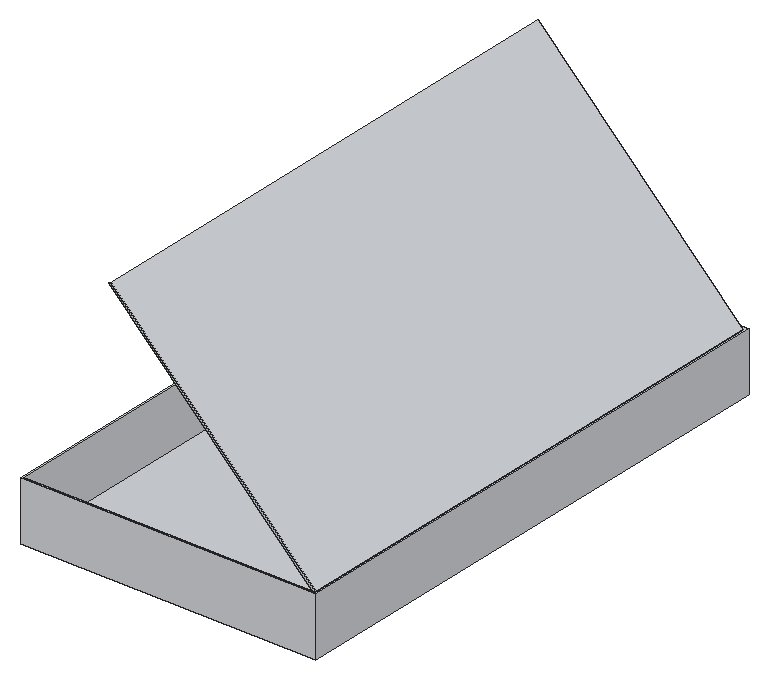
Revit family "Hager-Typ.B_TP&N_125A_Side_Extension_Boxes-empty-UK-en", category Electrical Equipment, host Face, Revit 2020
Family settings
  Host = Face
  Panel Configuration = Two Columns, Circuits Across
  Round Connector Dimension = Use Diameter
  Part Type = Panelboard
  Cut with Voids When Loaded = No
  Shared = No
  Room Calculation Point = No
Parameters (values of type "Surface mounted P2XC W465 H850 D91.5 0 Modular spacings - JK112BSF")
  Width Control [instance] = if([HG000006 - Flush mounted], if([EF000846 - Built-in width] > min_whd, [EF000846 - Built-in width], min_whd), if([EF000008 - Width] > min_whd, ([EF000008 - Width]), min_whd))  # 465 mm
  Void Depth [instance] = if([HG000006 - Flush mounted], Depth Control, 1 mm)  # 1 mm
  Type Comments = [HG000003 - Range]  # "Type B TP&N Distribution Boards"
  System Height [instance] = Height Control - 2 * [HG000005 - Thickness]  # 844 mm
  Model = [HG000004 - Manufacturer reference]  # "JK112BSF"
  HG000017 - Distance between poles = 18 mm
  HG000016 - Door 3d visibility [instance] = yes
  HG000015 - Clearance visibility [instance] = no
  HG000014 - Door on the right [instance] = yes
  HG000013 - Door on the left [instance] = not([HG000014 - Door on the right])  # no
  HG000012 - Door swing angle [instance] = 45.00°
  HG000011 - Empty rows from bottom = no
  HG000010 - Asymmetric doors = no
  HG000009 - Double swing door = no
  HG000008 - Number of empty rows = 0
  HG000007 - Number of empty columns = 0
  HG000006 - Flush mounted = no
  HG000005 - Thickness = 3 mm  # constant formula
  HG000004 - Manufacturer reference = "JK112BSF"
  HG000003 - Range = "Type B TP&N Distribution Boards"
  HG000002 - With door or cover = yes
  HG000001 - Number of columns = 0
  EF015941 - Signal passing door = no
  EF015777 - Neutral terminal block = yes
  EF015776 - Earthing terminal block = yes
  EF009212 - Cover model = ""
  EF006306 - With lock = no
  EF006244 - Transparent cover/door = no
  EF005474 - Degree of protection (IP) = "EV009848 - IP2XC"
  EF004462 - Type of closure = "EV000154 - Other"
  EF002950 - Width in number of modular spacings = 0
  EF001596 - Material housing = "EV000179 - Steel"
  EF001134 - DIN-rail = no
  EF001131 - Internal depth = 0 mm
  EF001088 - Extension possible = no
  EF001062 - EMC-version = no
  EF000846 - Built-in width = 0 mm
  EF000339 - Type of cover = "EV004216 - Door"
  EF000332 - Built-in height = 0 mm
  EF000266 - Number of rows = 0
  EF000218 - Built-in depth = 0 mm
  EF000118 - With mounting plate = no
  EF000116 - RAL-number = ""
  EF000049 - Depth = 92 mm
  EF000040 - Height = 850 mm
  EF000008 - Width = 465 mm
  EF000007 - Colour = "EV000154 - Other"
  EF000003 - Mounting method = "EV000384 - Surface mounted (plaster)"
  Arrow Offset [instance] = Depth Control / 8  # 11.5 mm
  Arrow Height [instance] = Depth Control - Arrow Offset  # 80.5 mm
  Host Offset [instance] = if([HG000006 - Flush mounted], 0 mm, [EF000049 - Depth])  # 92 mm
  min_whd [instance] = (2 * [HG000005 - Thickness]) + 1 mm  # 7 mm
  Manufacturer = "Hager"  # constant formula
  Height Control [instance] = if([HG000006 - Flush mounted], if([EF000332 - Built-in height] > min_whd, [EF000332 - Built-in height], min_whd), if([EF000040 - Height] > min_whd, ([EF000040 - Height]), min_whd))  # 850 mm
  Flush Mounted - Door Frame Width [instance] = if(([EF000040 - Height] - [EF000332 - Built-in height]) > 0 mm, if([HG000006 - Flush mounted], [EF000040 - Height] - [EF000332 - Built-in height], 0 mm), 0 mm)  # 0 mm
  Depth Control [instance] = if([HG000006 - Flush mounted], if([EF000218 - Built-in depth] > 0 mm, [EF000218 - Built-in depth], 1 mm), if([EF000049 - Depth] > 0 mm, ([EF000049 - Depth]), 1 mm))  # 92 mm
  Default Elevation = 0 mm
Types (5, lengths in mm): name | System Height | Model | HG000004 - Manufacturer reference | EF005474 - Degree of protection (IP) | EF000040 - Height | Height Control
  Surface mounted IP30 W465 H950 D91.5 0 Modular spacings - JK116BSF | 944 | "JK116BSF" | "JK116BSF" | "EV006410 - IP30" | 950 | 950
  Surface mounted P2XC W465 H500 D91.5 0 Modular spacings - JK104BSF | 494 | "JK104BSF" | "JK104BSF" | "EV009848 - IP2XC" | 500 | 500
  Surface mounted P2XC W465 H550 D91.5 0 Modular spacings - JK106BSF | 544 | "JK106BSF" | "JK106BSF" | "EV009848 - IP2XC" | 550 | 550
  Surface mounted P2XC W465 H625 D91.5 0 Modular spacings - JK108BSF | 619 | "JK108BSF" | "JK108BSF" | "EV009848 - IP2XC" | 625 | 625
  Surface mounted P2XC W465 H850 D91.5 0 Modular spacings - JK112BSF | 844 | "JK112BSF" | "JK112BSF" | "EV009848 - IP2XC" | 850 | 850
Reference planes
  plane 1 "Center (Front/Back)": y = 0
  plane 2: z = 0
  plane 3 "Center (Left/Right)": x = 0
  plane 4: z = 92
  plane 5: y = 3
  plane 6: z = 87
  plane 7: y = 425
  plane 8: y = 0
  plane 9: y = 850
  plane 10: z = 0
  plane 11: x = -232.5
  plane 12: x = 232.5
  plane 13: x = 229.5
  plane 14: x = -229.5
  plane 15: y = 847
  plane 16: z = 3
  plane 17: z = 89
  plane 18: z = -1
  plane 19: z = 89
Forms (mm)
  Extrusion 1, solid
    sketch origin (-583.045, 0, 1219.2) x (-1, 0, 0) y (0, 0, 1)
      loop
        line (-350.545, -1127.2) -> (-815.545, -1127.2) -> (-815.545, -1219.2) -> (-350.545, -1219.2) -> (-350.545, -1127.2)
    from 0 to 850 <- "Height Control"
  Extrusion 2, void
    sketch origin (-381.607, -4572, 92) x (0, -1, 0) y (-1, 0, 0)
      loop
        line (-5419, -152.107) -> (-5419, -611.107) -> (-4575, -611.107) -> (-4575, -152.107) -> (-5419, -152.107)
    from 0 to 89
  Extrusion 3, void
    sketch origin (0, 0, 0) x (1, 0, 0) y (0, 1, 0)
      loop
        line (-232.5, 0) -> (232.5, 0) -> (232.5, 850) -> (-232.5, 850) -> (-232.5, 0)
    from -1 to 1
  Extrusion 4, solid, detail levels coarse+medium
    sketch origin (-381.607, -4572, 92) x (-1, 0, 0) y (0, -1, 0)
      loop
        line (-152.107, -5419) -> (-152.107, -4575) -> (-611.107, -4575) -> (-611.107, -5419) -> (-152.107, -5419)
    from 0 to -3
Cuts and joins
  Extrusion 2 cuts Extrusion 1
Dimensions and locks
  plane 4 to plane 6 = 5 mm
  "Host Offset": plane 4 to host face
  "Flush Mounted - Door Frame Width": plane 1 "Center (Front/Back)" to plane 8
  "HG000005 - Thickness": plane 5 to plane 8
  locked: connector elem to plane 3 "Center (Left/Right)"
  "Height Control": plane 9 to plane 8
  equal spacing: plane 9, plane 7, plane 8
  locked: connector elem to plane 7
  "Depth Control": plane 4 to plane 10
  "HG000005 - Thickness": plane 11 to plane 14
  "HG000005 - Thickness": plane 12 to plane 13
  equal spacing: plane 11, plane 3 "Center (Left/Right)", plane 12
  "Width Control": plane 11 to plane 12
  "Arrow Offset": nested 4 to plane 10
  "HG000005 - Thickness": plane 9 to plane 15
  "HG000005 - Thickness": plane 16 to plane 10
  "HG000005 - Thickness": plane 4 to plane 17
  "Void Depth": plane 2 to plane 18
  "HG000005 - Thickness": plane 4 to plane 19
  aligned and locked: plane 2 to host face
  aligned and locked: level to host face
  aligned and locked: plane 3 "Center (Left/Right)" to nested 2
  aligned and locked: plane 4 to nested 2
  aligned and locked: nested 2 to plane 8
  aligned and locked: nested 1 to plane 6
  aligned and locked: nested 1 to plane 5
  aligned and locked: nested 4 to plane 11
  aligned and locked: nested 3 to plane 4
  aligned and locked: Extrusion 1 sketch curve to plane 12
  aligned and locked: Extrusion 1 sketch curve to plane 11
  aligned and locked: nested 3 to plane 10
  aligned and locked: plane 10 to Extrusion 1 sketch curve
  aligned and locked: Extrusion 2 sketch curve to plane 5
  aligned and locked: Extrusion 2 sketch curve to plane 15
  aligned and locked: Extrusion 2 sketch curve to plane 14
  aligned and locked: Extrusion 2 sketch curve to plane 13
  aligned and locked: plane 11 to Extrusion 3 sketch curve
  aligned and locked: plane 9 to Extrusion 3 sketch curve
  aligned and locked: Extrusion 3 sketch curve to plane 8
  aligned and locked: plane 12 to Extrusion 3 sketch curve
  aligned and locked: nested 3 to plane 12
  aligned and locked: Extrusion 3 to plane 18
  aligned and locked: Extrusion 2 to plane 16
  aligned and locked: Extrusion 1 sketch curve to plane 4
  aligned and locked: Extrusion 4 to plane 17
  aligned and locked: Extrusion 4 sketch curve to plane 15
  aligned and locked: Extrusion 4 sketch curve to plane 13
  aligned and locked: Extrusion 4 sketch curve to plane 14
  aligned and locked: Extrusion 4 sketch curve to plane 5
Automatic sketch dimensions
  host sketch curve to host sketch curve = 1469.727 mm
  host sketch curve to host sketch curve = 1434.803 mm
Nested families
  nested 1: "Hager_Enclosure_System" at (0, 3, 87) x (1, 0, 0) z (0, 1, 0), Depth <- "HG000005 - Thickness", Height <- "System Height", Width <- "EF000008 - Width", Border <- "HG000005 - Thickness", Flush_Mounted <- "HG000006 - Flush mounted", Built-in_Width <- "EF000846 - Built-in width", Row_Module_Multiplicator <- "EF002950 - Width in number of modular spacings", Total_No_Empty_Rows <- "HG000008 - Number of empty rows", Total_No_Rows <- "EF000266 - Number of rows", Empty_Columns <- "HG000007 - Number of empty columns", Width_Control <- "Width Control", Empty_Rows_From_Bottom <- "HG000011 - Empty rows from bottom", Distance_Between_Poles <- "HG000017 - Distance between poles", Rows_Count <- "EF000266 - Number of rows", Columns_Count <- "HG000001 - Number of columns", type "Hager_Enclosure_System", detail levels fine
    with Width_Control 465 mm, Width 465 mm, Total_No_Rows 0, Total_No_Empty_Rows 0, Total_No_Columns 1, System_Width 459 mm, Rows_Count 0, Rows_Column 0, Row_Module_Multiplicator 0, Panel_4 no, Panel_3 no, Panel_2 no, Panel_1 no, No_Panels_Ctrl 1, Hide_Columns yes, Height 844 mm, Flush_Mounted no, Empty_Rows_From_Bottom no, Empty_Rows_Column 0, Empty_Columns 0, Distance_Between_Poles 18 mm, Depth 3 mm, Columns_Count 0, Column_Width 459 mm, Built-in_Width 0 mm, Border 3 mm
  nested 2: "Hager_Enclosure_Door" at (0, 0, 92) x (1, 0, 0) z (0, 1, 0), Border <- "HG000005 - Thickness", Door_Right <- "HG000014 - Door on the right", Flush_Mounted <- "HG000006 - Flush mounted", Depth <- "EF000049 - Depth", Width <- "EF000008 - Width", Door_Left <- "HG000013 - Door on the left", 3d_Door <- "HG000016 - Door 3d visibility", BuiltIn_Width <- "EF000846 - Built-in width", BuiltIn_Height <- "EF000332 - Built-in height", BuiltIn_Depth <- "EF000218 - Built-in depth", Angle <- "HG000012 - Door swing angle", Assymetrical <- "HG000010 - Asymmetric doors", Double <- "HG000009 - Double swing door", Clearance <- "HG000015 - Clearance visibility", Transparent <- "EF006244 - Transparent cover/door", Door <- "HG000002 - With door or cover", Height_Ctrl <- "Height Control", Width_Ctrl <- "Width Control", Height <- "EF000040 - Height", type "Hager_Enclosure_Door", detail levels medium+fine
    with min_wh 7 mm, Width_Ctrl 465 mm, Width 465 mm, Transparent_Door_No_Bottom_Border no, Transparent no, Leaf_Width 456 mm, Leaf_Tolerance 1.5 mm, Leaf_Height 841 mm, Leaf_2_Width 456 mm, Leaf_2_Offset 228 mm, Leaf_1_Width 456 mm, Leaf_1_Offset 228 mm, Height_Ctrl 850 mm, Height 850 mm, Frame_Width_Ctrl 465 mm, Frame_Width 465 mm, Frame_Internal_Offset 0 mm, Frame_Height_Ctrl 850 mm, Frame_Height 850 mm, Frame_Depth_Ctrl 1 mm, Frame_Depth 0 mm, Flush_Mounted no, Double_Clearance_Ctrl no, Double no, Door_Right_Ctrl yes, Door_Right yes, Door_Left_Ctrl no, Door_Left no, Door yes, Depth 92 mm, Clearance_Depth 456 mm, Clearance_Ctrl no, Clearance no, BuiltIn_Width 0 mm, BuiltIn_Height 0 mm, BuiltIn_Depth 0 mm, Border 3 mm, Assymetrical no, Angle 45.00°, 3d_Door yes
  nested 3: "Hager_Enclosure_Symbol_Triangle" at (-232.5, 0, 0) x (1, 0, 0) z (0, -1, 0), Depth <- "Depth Control", Width <- "Width Control", type "Hager_Enclosure_Symbol_Triangle"
    with Width_Ctrl 465 mm, Width 465 mm, Depth_Ctrl 92 mm, Depth 92 mm
  nested 4: "Hager_Enclosure_Symbol_Arrow" at (-232.5, 0, 11.5) x (1, 0, 0) z (0, -1, 0), Height <- "Arrow Height", type "Hager_Enclosure_Symbol_Arrow"
    with Width_Inside 6.038 mm, Width 72.45 mm, Height_Ctrl 80.5 mm, Height 80.5 mm
Connectors
  electrical at (0, 425, 0)
    settings: on plane 10, index 1, voltage 0 V, apparent load 0 VA, apparent load phase1 0 VA, apparent load phase2 0 VA, apparent load phase3 0 VA, power factor 1, load classification "Other", number of poles 1, system type 30, power factor state 1, is connector primary yes, connector utility no, sub classification motor no, connector description ""
Definition of nested family "Hager_Enclosure_Door"
  Parameters (values of type "Hager_Enclosure_Door")
    min_wh [instance] = (2 * Border) + 1 mm  # 11 mm
    Width_Ctrl [instance] = 400 mm
    Width [instance] = 500 mm
    Transparent_Door_No_Bottom_Border [instance] = no
    Transparent [instance] = yes
    Leaf_Width [instance] = if((Width_Ctrl - 2 * Border - 2 * Leaf_Tolerance) > 0 mm, (Width_Ctrl - 2 * Border - 2 * Leaf_Tolerance), min_wh)  # 387 mm
    Leaf_Tolerance [instance] = 1.5 mm  # constant formula
    Leaf_Height [instance] = if((Height_Ctrl - 2 * Border - 2 * Leaf_Tolerance) > 0 mm, (Height_Ctrl - 2 * Border - 2 * Leaf_Tolerance), min_wh)  # 387 mm
    Leaf_2_Width [instance] = if(and(and(Double, Assymetrical), Door_Left), (Leaf_Width / 3) - (Leaf_Tolerance / 2), if(and(and(Double, Assymetrical), Door_Right), (Leaf_Width / 3) * 2 - (Leaf_Tolerance / 2), if(and(Double, not(Assymetrical)), (Leaf_Width / 2) - Leaf_Tolerance, Leaf_Width)))  # 387 mm
    Leaf_2_Offset [instance] = if(and(Double, Assymetrical), Leaf_2_Width / 2, if(and(Double, not(Assymetrical)), Leaf_Width / 4, Leaf_Width / 2))  # 193.5 mm
    Leaf_1_Width [instance] = if(and(and(Double, Assymetrical), Door_Right), (Leaf_Width / 3) - (Leaf_Tolerance / 2), if(and(and(Double, Assymetrical), Door_Left), (Width / 3) * 2 - (Leaf_Tolerance / 2), if(and(Double, not(Assymetrical)), (Leaf_Width / 2) - Leaf_Tolerance, Leaf_Width)))  # 387 mm
    Leaf_1_Offset [instance] = if(and(Double, Assymetrical), Leaf_1_Width / 2, if(and(Double, not(Assymetrical)), Leaf_Width / 4, Leaf_Width / 2))  # 193.5 mm
    Height_Ctrl [instance] = 400 mm
    Height [instance] = 500 mm
    Frame_Width_Ctrl [instance] = if(Frame_Width > 0 mm, Frame_Width, 1 mm)  # 1 mm
    Frame_Width [instance] = Width - BuiltIn_Width  # 0 mm
    Frame_Internal_Offset [instance] = if(Flush_Mounted, Border, 0 mm)  # 5 mm
    Frame_Height_Ctrl [instance] = if(Frame_Height > 0 mm, Frame_Height, 1 mm)  # 1 mm
    Frame_Height [instance] = Height - BuiltIn_Height  # 0 mm
    Frame_Depth_Ctrl [instance] = if(Frame_Depth > 0 mm, Frame_Depth, 1 mm)  # 1 mm
    Frame_Depth [instance] = if(Depth - BuiltIn_Depth > 0 mm, if(Flush_Mounted, Depth - BuiltIn_Depth, 0 mm), 0 mm)  # 0 mm
    Flush_Mounted [instance] = yes
    Double_Clearance_Ctrl [instance] = and(Double, Clearance)  # no
    Double [instance] = no
    Door_Right_Ctrl [instance] = and(or(Door_Right, Double), Door)  # yes
    Door_Right [instance] = yes
    Door_Left_Ctrl [instance] = and(or(Door_Left, Double), Door)  # no
    Door_Left [instance] = no
    Door [instance] = yes
    Depth [instance] = 500 mm
    Default Elevation = 1219.2 mm
    Clearance_Material = none
    Clearance_Depth [instance] = if(Leaf_1_Width > Leaf_2_Width, Leaf_1_Width, Leaf_2_Width)  # 387 mm
    Clearance_Ctrl [instance] = and(not(Double), Clearance)  # yes
    Clearance [instance] = yes
    BuiltIn_Width [instance] = 500 mm
    BuiltIn_Height [instance] = 500 mm
    BuiltIn_Depth [instance] = 500 mm
    Border [instance] = 5 mm
    Assymetrical [instance] = yes
    Angle [instance] = 30.00°
    3d_Door [instance] = yes
  Reference planes
    plane 1 "Center (Front/Back)": y = 0
    plane 2 "Bottom": z = 0
    plane 3 "Center (Left/Right)": x = 0
    plane 4: z = 400
    plane 5: x = -200
    plane 6: x = 200
    plane 7: z = 395
    plane 8: x = -195
    plane 9: z = 5
    plane 10: x = 195
    plane 11: y = 0
    plane 12: z = 6.5
    plane 13: x = -582
    plane 14: y = -387
    plane 15: x = 582
    plane 16: x = 0
    plane 17: x = 0
    plane 18: x = -193.5
    plane 19: x = 193.5
    plane 20: z = 393.5
  Forms (mm)
    Extrusion 1, solid, visible <- "Flush_Mounted"
      sketch origin (0, 0, 0) x (1, 0, 0) y (0, 0, 1)
        loop
          line (195, 5) -> (195, 395) -> (-195, 395) -> (-195, 5) -> (195, 5)
        loop
          line (-201, 401) -> (-201, -1) -> (201, -1) -> (201, 401) -> (-201, 401)
      from 0 to 1 <- "Frame_Depth_Ctrl"
    Extrusion 2, solid, material <- "Clearance_Material", visible <- "Double_Clearance_Ctrl"
      sketch origin (1200, 0, 0) x (1, 0, 0) y (0, 0, -1)
        loop
          line (-1782, -393.5) -> (-618, -393.5) -> (-618, 0) -> (-1782, 0) -> (-1782, -393.5)
      from 0 to -387
  Dimensions and locks
    equal spacing: plane 5, plane 3 "Center (Left/Right)", plane 6
    "Width_Ctrl": plane 5 to plane 6
    "Border": plane 5 to plane 8
    "Border": plane 6 to plane 10
    "Border": plane 9 to level
    "Border": plane 4 to plane 7
    "Height_Ctrl": plane 4 to level
    "Leaf_Tolerance": plane 12 to plane 9
    "Frame_Depth": plane 11 to plane 1 "Center (Front/Back)"
    "Frame_Width_Ctrl": plane 5 to Extrusion 1 sketch curve
    "Frame_Width_Ctrl": plane 6 to Extrusion 1 sketch curve
    "Frame_Width_Ctrl": Extrusion 1 sketch curve to plane 4
    "Frame_Width_Ctrl": plane 2 "Bottom" to Extrusion 1 sketch curve
    "Leaf_1_Offset": plane 18 to plane 16
    "Leaf_2_Offset": plane 17 to plane 19
    "Leaf_1_Width": plane 13 to plane 8
    "Leaf_2_Width": plane 10 to plane 15
    "Clearance_Depth": plane 14 to plane 1 "Center (Front/Back)"
    "Leaf_Tolerance": plane 8 to plane 18
    "Leaf_Tolerance": plane 19 to plane 10
    "Leaf_Tolerance": plane 7 to plane 20
    "Frame_Internal_Offset": plane 5 to Extrusion 1 sketch curve
    "Frame_Internal_Offset": Extrusion 1 sketch curve to plane 2 "Bottom"
    "Frame_Internal_Offset": plane 6 to Extrusion 1 sketch curve
    "Frame_Internal_Offset": plane 4 to Extrusion 1 sketch curve
    aligned and locked: level to plane 2 "Bottom"
    aligned and locked: nested 1 to plane 16
    aligned and locked: nested 2 to plane 17
    aligned and locked: Extrusion 2 to plane 13
    aligned and locked: plane 15 to Extrusion 2
    aligned and locked: Extrusion 2 to plane 14
    aligned and locked: plane 12 to nested 1
    aligned and locked: nested 2 to plane 12
    aligned and locked: Extrusion 2 to plane 11
    aligned and locked: plane 20 to Extrusion 2
    aligned and locked: nested 2 to plane 11
    aligned and locked: nested 1 to plane 11
  Automatic sketch dimensions
    Extrusion 2 sketch curve to level = 0 mm
    plane 5 to Extrusion 2 sketch curve = 382 mm
    plane 6 to Extrusion 2 sketch curve = 382 mm
    Extrusion 2 sketch curve to plane 4 = 6.5 mm
  Nested families
    nested 1: "Hager_Enclosure_Door_Leaf" at (0, 0, 6.5), Width <- "Leaf_1_Width", visible <- "Door_Left_Ctrl", Leaf_Height <- "Leaf_Height", Angle <- "Angle", Depth <- "Border", 3d_Door <- "3d_Door", Transparent <- "Transparent", Clearance Material <- "Clearance_Material", Clearance <- "Clearance_Ctrl", Transparent_Door_No_Bottom_Border <- "Transparent_Door_No_Bottom_Border", type "Hager_Enclosure_Door_Leaf"
      with Width 387 mm, Transparent_Door_No_Bottom_Border no, Transparent_Door_Border_Bottom_Top 25 mm, Transparent_Door_Border 25 mm, Transparent_Ctrl yes, Transparent yes, Standard no, Leaf_Height 387 mm, Glass_Offset 1 mm, Depth 5 mm, Clearance Material none, Clearance yes, Angle_Ctrl 30.00°, Angle 30.00°, 3d_Door yes
    nested 2: "Hager_Enclosure_Door_Leaf" at (0, 0, 6.5) x (-1, 0, 0) z (0, 0, 1), Width <- "Leaf_2_Width", visible <- "Door_Right_Ctrl", Leaf_Height <- "Leaf_Height", Angle <- "Angle", Depth <- "Border", 3d_Door <- "3d_Door", Transparent <- "Transparent", Clearance Material <- "Clearance_Material", Clearance <- "Clearance_Ctrl", Transparent_Door_No_Bottom_Border <- "Transparent_Door_No_Bottom_Border", type "Hager_Enclosure_Door_Leaf"
      with Width 387 mm, Transparent_Door_No_Bottom_Border no, Transparent_Door_Border_Bottom_Top 25 mm, Transparent_Door_Border 25 mm, Transparent_Ctrl yes, Transparent yes, Standard no, Leaf_Height 387 mm, Glass_Offset 1 mm, Depth 5 mm, Clearance Material none, Clearance yes, Angle_Ctrl 30.00°, Angle 30.00°, 3d_Door yes
  Definition of nested family "Hager_Enclosure_Door_Leaf"
    Parameters (values of type "Hager_Enclosure_Door_Leaf")
      Width [instance] = 2000 mm
      Transparent_Door_No_Bottom_Border [instance] = yes
      Transparent_Door_Border_Bottom_Top [instance] = if(Transparent_Door_No_Bottom_Border, 0.1 mm, Transparent_Door_Border)  # 0.1 mm
      Transparent_Door_Border [instance] = if(Transparent_Door_No_Bottom_Border, (Width * 0.12), 25 mm)  # 240 mm
      Transparent_Ctrl [instance] = and(Transparent, [3d_Door])  # yes
      Transparent [instance] = yes
      Standard [instance] = and(not(Transparent), [3d_Door])  # no
      Leaf_Height [instance] = 2720.336 mm
      Glass_Offset [instance] = if((Depth - 10 mm) / 2 > 0 mm, (Depth - 10 mm) / 2, 1 mm)  # 15 mm
      Glass_Material = none
      Depth [instance] = 40 mm
      Default Elevation = 0 mm
      Clearance Material [instance] = none
      Clearance [instance] = yes
      Angle_Ctrl [instance] = if(Angle > 170.00°, 170.00°, Angle)  # 45.00°
      Angle [instance] = 45.00°
      3d_Door [instance] = yes
    Reference planes
      plane 1 "Center (Front/Back)": y = 0
      plane 2: z = 0
      plane 3 "Center (Left/Right)": x = 0
      plane 4: y = 2000
      plane 5: x = -1000
      plane 6: x = 1000
      plane 7: x = -3000
      plane 8: z = 2720.336
      plane 9: z = 0.1
      plane 10: z = 2720.236
      plane 11: x = 760
      plane 12: x = -760
    Forms (mm)
      Extrusion 1, solid, material <- "Clearance Material", visible <- "Clearance"
        sketch origin (0, 0, 0) x (1, 0, 0) y (0, 0, 1)
          loop
            line (-3000, 2720.336) -> (-3000, 0) -> (1000, 0) -> (1000, 2720.336) -> (-3000, 2720.336)
        from 0 to -2000
      Extrusion 2, solid, visible <- "Standard", detail levels medium+fine
        sketch origin (-1000, 0, 0) x (0.707107, 0.707107, 0) y (-0.707107, 0.707107, 0)
          loop
            line (0, -40) -> (2000, -40) -> (2000, 0) -> (0, 0) -> (0, -40)
        from 0 to 2720.336 <- "Leaf_Height"
      Extrusion 3, solid, visible <- "Transparent_Ctrl", detail levels medium+fine
        sketch origin (-1000, 0, 0) x (0.707107, 0.707107, 0) y (-0.707107, 0.707107, 0)
          loop
            line (0, -40) -> (2000, -40) -> (2000, 0) -> (0, 0) -> (0, -40)
        from 0 to 2720.336 <- "Leaf_Height"
      Extrusion 4, void, detail levels medium+fine
        sketch origin (-1000, 0, 0) x (-0.707107, 0.707107, 0) y (0.707107, 0.707107, 0)
          loop
            line (0, 240) -> (0, 1760) -> (-40, 1760) -> (-40, 240) -> (0, 240)
        from -2720.236 to -0.1
      Extrusion 5, solid, material <- "Glass_Material", visible <- "Transparent_Ctrl", detail levels medium+fine
        sketch origin (-1000, 0, 0) x (0.707107, 0.707107, 0) y (-0.707107, 0.707107, 0)
          loop
            line (240, -15) -> (240, -25) -> (1760, -25) -> (1760, -15) -> (240, -15)
        from 0.1 to 2720.236
    Cuts and joins
      Extrusion 4 cuts Extrusion 3
    Lines and regions (mm)
      symbolic lines
        curve 1: line (1000, 0, 0) -> (-3000, 0, 0)
        curve 2: arc (1000, 0, 0) -> (-1000, 2000, 0) -> (-3000, 0, 0) r 2000
        curve 4: line (-1000, 0, 0) -> (414.214, 1414.214, 0)
      reference lines
        curve 3: line (-1000, 0, 0) -> (414.214, 1414.214, 0)
      symbolic lines, detail levels medium+fine
        curve 5: line (414.214, 1414.214, 0) -> (442.498, 1385.929, 0)
        curve 6: line (442.498, 1385.929, 0) -> (-971.716, -28.284, 0)
        curve 7: line (-971.716, -28.284, 0) -> (-1000, 0, 0)
        curve 8: line (-1000, 0, 2720.336) -> (1000, 0, 2720.336)
        curve 9: line (-1000, 0, 0) -> (-1000, 0, 2720.336)
        curve 10: line (1000, 0, 0) -> (-1000, 0, 0)
        curve 11: line (1000, 0, 2720.336) -> (1000, 0, 0)
      symbolic lines, visible <- "Transparent_Ctrl", detail levels medium+fine
        curve 12: line (-760, 0, 2720.236) -> (760, 0, 2720.236)
        curve 13: line (-760, 0, 0.1) -> (-760, 0, 2720.236)
        curve 14: line (760, 0, 0.1) -> (-760, 0, 0.1)
        curve 15: line (760, 0, 2720.236) -> (760, 0, 0.1)
    Dimensions and locks
      "Width": plane 1 "Center (Front/Back)" to plane 4
      equal spacing: plane 5, plane 3 "Center (Left/Right)", plane 6
      "Width": plane 5 to plane 6
      "Width": plane 7 to plane 5
      "Leaf_Height": plane 8 to level
      "Depth": curve 6 to curve 3
      "Width": curve 5 to curve 3
      "Width": curve 3 to curve 3
      "Transparent_Door_Border": Extrusion 4 sketch curve to curve 7
      "Transparent_Door_Border": Extrusion 4 sketch curve to curve 5
      "Transparent_Door_Border_Bottom_Top": plane 8 to plane 10
      "Transparent_Door_Border_Bottom_Top": plane 9 to level
      "Glass_Offset": Extrusion 5 sketch curve to curve 4
      "Glass_Offset": Extrusion 5 sketch curve to curve 6
      "Transparent_Door_Border": Extrusion 5 sketch curve to curve 5
      "Transparent_Door_Border": Extrusion 5 sketch curve to curve 7
      "Transparent_Door_Border": plane 12 to plane 5
      "Transparent_Door_Border": plane 6 to plane 11
      "Angle_Ctrl": angle plane 1 "Center (Front/Back)" to curve 3
      aligned and locked: level to plane 2
      aligned and locked: Extrusion 1 to curve 1
      aligned and locked: plane 6 to Extrusion 1
      aligned and locked: Extrusion 1 to plane 1 "Center (Front/Back)"
      aligned and locked: plane 4 to Extrusion 1
      aligned and locked: plane 8 to Extrusion 1
      aligned and locked: curve 4 to curve 3
      aligned and locked: Extrusion 2 sketch curve to curve 7
      aligned and locked: Extrusion 2 sketch curve to curve 6
      aligned and locked: Extrusion 2 sketch curve to curve 5
      aligned and locked: Extrusion 2 sketch curve to curve 3
      aligned and locked: curve 7 to Extrusion 3 sketch curve
      aligned and locked: Extrusion 3 sketch curve to curve 4
      aligned and locked: Extrusion 3 sketch curve to curve 6
      aligned and locked: Extrusion 3 sketch curve to curve 5
      aligned and locked: curve 4 to Extrusion 4 sketch curve
      aligned and locked: curve 6 to Extrusion 4 sketch curve
      aligned and locked: Extrusion 4 to plane 9
      aligned and locked: Extrusion 4 to plane 10
      aligned and locked: Extrusion 5 to plane 9
      aligned and locked: Extrusion 5 to plane 10
      aligned and locked: curve 8 to plane 8
      aligned and locked: plane 5 to curve 9
      aligned and locked: plane 2 to curve 10
      aligned and locked: curve 11 to plane 6
      aligned and locked: plane 10 to curve 12
      aligned and locked: plane 12 to curve 13
      aligned and locked: curve 14 to plane 9
      aligned and locked: plane 11 to curve 15
    Automatic sketch dimensions
      plane 1 "Center (Front/Back)" to curve 2 = 0 mm
      curve 2 to plane 5 = 0 mm
      Extrusion 1 sketch curve to level = 0 mm
      Extrusion 1 sketch curve to plane 7 = 0 mm
      Extrusion 1 sketch curve to plane 6 = 0 mm
      Extrusion 1 sketch curve to plane 8 = 0 mm
      plane 1 "Center (Front/Back)" to curve 3 = 0 mm
      curve 3 to plane 5 = 0 mm
      curve 7 to curve 3 = 0 mm
Definition of nested family "Hager_Enclosure_Symbol_Triangle"
  Parameters (values of type "Hager_Enclosure_Symbol_Triangle")
    Width_Ctrl [instance] = if(Width > 1 mm, Width, 1 mm)  # 498 mm
    Width [instance] = 498 mm
    Depth_Ctrl [instance] = if(Depth > 1 mm, Depth, 1 mm)  # 72 mm
    Depth [instance] = 72 mm
  Reference planes
    plane 1 "Centre (avant/arrière)": y = 0
    plane 2: z = 0
    plane 3 "Centre (gauche/droite)": x = 0
  Lines and regions (mm)
    Filled region 1, type "Solid_Black", in view "Niveau de réf."
      outline origin (0, 0, 0) x (1, 0, 0) y (0, 1, 0)
        loop
          line (0, 0) -> (498, 0) -> (498, 72) -> (0, 0)
    reference lines, in view "Niveau de réf."
      curve 1: line (-206.153, 72, 0) -> (1083.258, 72, 0)
      curve 2: line (498, 405.456, 0) -> (498, -517.619, 0)
  Dimensions and locks
    "Depth_Ctrl": plane 1 "Centre (avant/arrière)" to curve 1
    "Width_Ctrl": plane 3 "Centre (gauche/droite)" to curve 2
    aligned and locked: curve 1 to Filled region 1 sketch curve
    aligned and locked: Filled region 1 sketch curve to plane 1 "Centre (avant/arrière)"
    aligned and locked: curve 2 to Filled region 1 sketch curve
    aligned and locked: plane 3 "Centre (gauche/droite)" to Filled region 1 sketch curve
    aligned and locked: plane 1 "Centre (avant/arrière)" to Filled region 1 sketch curve
  Automatic sketch dimensions
    curve 1 to plane 3 "Centre (gauche/droite)" = 206.153 mm
    curve 2 to curve 1 = 585.258 mm
    plane 1 "Centre (avant/arrière)" to curve 2 = 517.619 mm
    curve 2 to plane 1 "Centre (avant/arrière)" = 405.456 mm
Definition of nested family "Hager_Enclosure_Symbol_Arrow"
  Parameters (values of type "Hager_Enclosure_Symbol_Arrow")
    Width_Inside [instance] = if(Width / 12 > 2 mm, Width / 12, 2 mm)  # 4.987 mm
    Width [instance] = if(Height_Ctrl * 0.9 > 2 mm, Height_Ctrl * 0.9, 2 mm)  # 59.85 mm
    Height_Ctrl [instance] = if(Height > 2 mm, Height, 2 mm)  # 66.5 mm
    Height [instance] = 66.5 mm
  Reference planes
    plane 1 "Centre (avant/arrière)": y = 0
    plane 2: z = 0
    plane 3 "Centre (gauche/droite)": x = 0
    plane 4: x = 59.85
    plane 5: y = 28.263
    plane 6: y = 38.238
    plane 7: y = 66.5
    plane 8: x = 29.925
    plane 9: y = 33.25
  Lines and regions (mm)
    Filled region 1, type "Solid_Black", in view "Niveau de réf."
      outline origin (0, 0, 0) x (1, 0, 0) y (0, 1, 0)
        loop
          line (59.85, 66.5) -> (37.929, 52.827) -> (51.846, 41.935) -> (59.85, 66.5)
    detail lines, in view "Niveau de réf."
      curve 1: line (0, 0, 0) -> (29.925, 38.238, 0)
      curve 2: line (29.925, 38.238, 0) -> (29.925, 28.263, 0)
      curve 3: line (29.925, 28.263, 0) -> (59.85, 66.5, 0)
  Dimensions and locks
    "Width": plane 3 "Centre (gauche/droite)" to plane 4
    "Height_Ctrl": plane 7 to plane 1 "Centre (avant/arrière)"
    equal spacing: plane 3 "Centre (gauche/droite)", plane 8, plane 4
    equal spacing: plane 7, plane 9, plane 1 "Centre (avant/arrière)"
    equal spacing: plane 6, plane 9, plane 5
    "Width_Inside": plane 6 to plane 9
    equal spacing: curve 3, Filled region 1 sketch curve, Filled region 1 sketch curve
    angle Filled region 1 sketch curve to curve 3 = 20.00°
    angle curve 3 to Filled region 1 sketch curve = 20.00°
    locked: curve 3 to Filled region 1 sketch curve (angle 90.00°)
  Automatic sketch dimensions
    plane 1 "Centre (avant/arrière)" to curve 1 = 0 mm
    curve 1 to plane 3 "Centre (gauche/droite)" = 0 mm
    curve 2 to plane 6 = 0 mm
    curve 3 to plane 8 = 0 mm
    curve 3 to plane 4 = 0 mm
    curve 2 to plane 5 = 0 mm
    curve 3 to plane 7 = 0 mm
    Filled region 1 sketch curve to plane 4 = 0 mm
    Filled region 1 sketch curve to plane 7 = 0 mm
